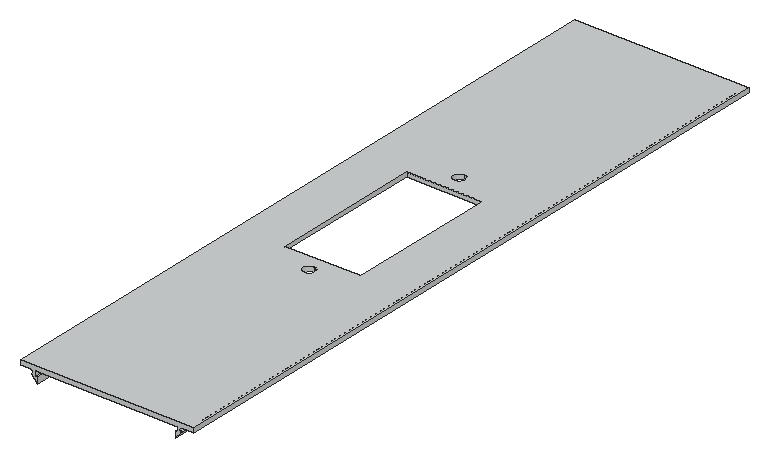
Revit family "Specialty_Equipment-Metal_Raceway-Hubbell_Wiring-Rectangular_Style_Line_Cover-HBLALUG", category Specialty Equipment, host Face, Revit 2015
Parameters (values of type "HBLALUG")
  URL = "http://www.hubbell-wiring.com/"
  Product data url = "https://bimobject.com/hubbellwiring/product/hubbell-metal-raceway-alu3800"
  Product Page URL = "http://ecatalog.hubbell-wiring.com/ProductInformation/ViewCatalog.aspx?Dest=hubbell-wiring.com/press/catalog/r.pdf"
  Product Documentation Link = "http://www.hubbell-wiring.com/press/pdfs/h5233r08.pdf"
  Model = "HBLALUG"  # constant formula
  Manufacturer = "Hubbell Wiring Device Kellems"  # constant formula
  Host Note = "Add in Section View; Host to Wall"  # constant formula
  Description = "Rectangular Style Line Cover"  # constant formula
  Default Elevation = 48.00"
  Cable Tray Material = Metal-Hubbell-Aluminium
  B = 3.00"
  Assembly Code = "D5090900"
  A = 12.00"
Reference planes (in)
  plane 1 "Center (Front/Back)": y = 0
  plane 2: z = 0
  plane 3 "Center (Left/Right)": x = 0
  plane 4: z = 2.075
  plane 5: y = 6
  plane 6: y = -6
  plane 7: x = -1.49625
  plane 8: x = 1.50375
  plane 9: y = 1.625
  plane 10: y = -1.625
Forms (in)
  Extrusion 1, void
    sketch origin (1.49625, 0, 2.17481) x (0, -1, 0) y (-1, 0, 0)
      loop
        circle (1.625, 1.49625) r 0.1
      loop
        line (1.318, 0.83875) -> (1.318, 2.15375) -> (-1.318, 2.15375) -> (-1.318, 0.83875) -> (1.318, 0.83875)
      loop
        circle (-1.625, 1.49625) r 0.1
    from 0.025 to 0.09981
  Extrusion 2, solid, material "Metal-Hubbell-Aluminium" <- "Cable Tray Material"
    sketch origin (-1.48651, 0, 0.26502) x (1, 0, 0) y (0, 0, 1)
      loop
        line (-0.00974, 1.88479) -> (-0.00974, 1.80998) -> (0.17978, 1.80998)
        arc (0.17978, 1.80998) -> (0.21467, 1.77647) -> (0.18259, 1.74027) r 0.03491
        line (0.18259, 1.74027) -> (0.29656, 1.6263) -> (0.29656, 1.73018) -> (0.26457, 1.73018) -> (0.26457, 1.80998) -> (2.70845, 1.80998) -> (2.70845, 1.73018) -> (2.67645, 1.73018) -> (2.67645, 1.6263) -> (2.79042, 1.74027)
        arc (2.79042, 1.74027) -> (2.75835, 1.77647) -> (2.79323, 1.80998) r 0.03491
        line (2.79323, 1.80998) -> (2.99026, 1.80998) -> (2.99026, 1.88479) -> (-0.00974, 1.88479)
    from -6 to 6
Cuts and joins
  Extrusion 1 cuts Extrusion 2
Lines and regions (in)
  reference lines
    curve 1: line (-0.6575, -1.318, 2.075) -> (0.6575, -1.318, 2.075)
    curve 2: line (-0.6575, 1.318, 2.075) -> (-0.6575, -1.318, 2.075)
    curve 3: line (0.6575, 1.318, 2.075) -> (-0.6575, 1.318, 2.075)
    curve 4: line (0.6575, -1.318, 2.075) -> (0.6575, 1.318, 2.075)
    curve 5: circle (0, 1.625, 2.075) r 0.1 normal (0, 0, 1)
    curve 6: circle (0, -1.625, 2.075) r 0.1 normal (0, 0, 1)
    curve 7: line (-1.49625, 0, 2.14981) -> (-1.49625, 0, 2.075)
    curve 8: line (1.50375, 0, 2.14981) -> (-1.49625, 0, 2.14981)
    curve 9: line (1.50375, 0, 2.075) -> (1.50375, 0, 2.14981)
    curve 10: line (1.30673, 0, 2.075) -> (1.50375, 0, 2.075)
    curve 11: arc (1.30392, 0, 2.00529) -> (1.27184, 0, 2.04149) -> (1.30673, 0, 2.075) r 0.03491
    curve 12: line (1.18995, 0, 1.89132) -> (1.30392, 0, 2.00529)
    curve 13: line (1.18995, 0, 1.9952) -> (1.18995, 0, 1.89132)
    curve 14: line (1.22194, 0, 1.9952) -> (1.18995, 0, 1.9952)
    curve 15: line (1.22194, 0, 2.075) -> (1.22194, 0, 1.9952)
    curve 16: line (-1.22194, 0, 2.075) -> (1.22194, 0, 2.075)
    curve 17: line (-1.22194, 0, 1.9952) -> (-1.22194, 0, 2.075)
    curve 18: line (-1.18995, 0, 1.9952) -> (-1.22194, 0, 1.9952)
    curve 19: line (-1.18995, 0, 1.89132) -> (-1.18995, 0, 1.9952)
    curve 20: line (-1.30392, 0, 2.00529) -> (-1.18995, 0, 1.89132)
    curve 21: arc (-1.30672, 0, 2.075) -> (-1.27184, 0, 2.04149) -> (-1.30392, 0, 2.00529) r 0.03491
    curve 22: line (-1.49625, 0, 2.075) -> (-1.30672, 0, 2.075)
  symbolic lines
    curve 23: line (0, 6, 2.075) -> (0, -6, 2.075)
    curve 24: line (0, 6, 2.14981) -> (0, 6, 2.075)
    curve 25: line (0, -6, 2.14981) -> (0, 6, 2.14981)
    curve 26: line (0, -6, 2.075) -> (0, -6, 2.14981)
    curve 27: line (1.50375, 6, 0) -> (-1.49625, 6, 0)
    curve 28: line (1.50375, -6, 0) -> (1.50375, 6, 0)
    curve 29: line (-1.49625, -6, 0) -> (1.50375, -6, 0)
    curve 30: line (-1.49625, 6, 0) -> (-1.49625, -6, 0)
    curve 31: line (-0.6575, 1.318, 0) -> (-0.6575, -1.318, 0)
    curve 32: line (0.6575, 1.318, 0) -> (-0.6575, 1.318, 0)
    curve 33: line (0.6575, -1.318, 0) -> (0.6575, 1.318, 0)
    curve 34: line (-0.6575, -1.318, 0) -> (0.6575, -1.318, 0)
    curve 35: arc (0, -1.525, 0) -> (0.1, -1.625, 0) -> (0, -1.725, 0) r 0.1
    curve 36: arc (0, -1.725, 0) -> (-0.1, -1.625, 0) -> (0, -1.525, 0) r 0.1
    curve 37: arc (0, 1.525, 0) -> (-0.1, 1.625, 0) -> (0, 1.725, 0) r 0.1
    curve 38: arc (0, 1.725, 0) -> (0.1, 1.625, 0) -> (0, 1.525, 0) r 0.1
    curve 39: line (1.50375, 0, 2.075) -> (-1.49625, 0, 2.075)
    curve 40: line (1.50375, 0, 2.14981) -> (1.50375, 0, 2.075)
    curve 41: line (-1.49625, 0, 2.14981) -> (1.50375, 0, 2.14981)
    curve 42: line (-1.49625, 0, 2.075) -> (-1.49625, 0, 2.14981)
Dimensions and locks (in)
  equal spacing: plane 5, plane 1 "Center (Front/Back)", plane 6
  "A": plane 5 to plane 6
  "B": plane 7 to plane 8
  equal spacing: plane 9, plane 1 "Center (Front/Back)", plane 10, locked at 1.625 each
  equal spacing: curve 3, plane 1 "Center (Front/Back)", curve 1, locked at 1.318 each
  equal spacing: curve 2, plane 3 "Center (Left/Right)", curve 4, locked at 0.6575 each
  plane 4 to host face = 2.075"
  aligned and locked: plane 2 to host face
  aligned and locked: level to host face
  aligned and locked: Extrusion 1 sketch curve to curve 6
  aligned and locked: Extrusion 1 sketch curve to curve 4
  aligned and locked: Extrusion 1 sketch curve to curve 3
  aligned and locked: Extrusion 1 sketch curve to curve 2
  aligned and locked: Extrusion 1 sketch curve to curve 1
  aligned and locked: Extrusion 1 sketch curve to curve 5
  aligned and locked: Extrusion 2 sketch curve to curve 7
  aligned and locked: curve 8 to Extrusion 2 sketch curve
  aligned and locked: curve 9 to Extrusion 2 sketch curve
  aligned and locked: Extrusion 2 sketch curve to curve 11
  aligned and locked: Extrusion 2 sketch curve to curve 12
  aligned and locked: Extrusion 2 sketch curve to curve 13
  aligned and locked: curve 14 to Extrusion 2 sketch curve
  aligned and locked: Extrusion 2 sketch curve to curve 15
  aligned and locked: Extrusion 2 sketch curve to curve 16
  aligned and locked: curve 17 to Extrusion 2 sketch curve
  aligned and locked: curve 18 to Extrusion 2 sketch curve
  aligned and locked: curve 19 to Extrusion 2 sketch curve
  aligned and locked: Extrusion 2 sketch curve to curve 20
  aligned and locked: Extrusion 2 sketch curve to curve 21
  aligned and locked: Extrusion 2 sketch curve to curve 22
  aligned and locked: plane 5 to Extrusion 2
  aligned and locked: Extrusion 2 to plane 6
  aligned and locked: curve 27 to cut or joined group of Extrusion 1, Extrusion 2
  aligned and locked: curve 28 to cut or joined group of Extrusion 1, Extrusion 2
  aligned and locked: curve 29 to cut or joined group of Extrusion 1, Extrusion 2
  aligned and locked: curve 30 to cut or joined group of Extrusion 1, Extrusion 2
  aligned and locked: curve 31 to cut or joined group of Extrusion 1, Extrusion 2
  aligned and locked: curve 32 to cut or joined group of Extrusion 1, Extrusion 2
  aligned and locked: curve 33 to cut or joined group of Extrusion 1, Extrusion 2
  aligned and locked: curve 34 to cut or joined group of Extrusion 1, Extrusion 2
  aligned and locked: curve 35 to cut or joined group of Extrusion 1, Extrusion 2
  aligned and locked: curve 36 to cut or joined group of Extrusion 1, Extrusion 2
  aligned and locked: curve 37 to cut or joined group of Extrusion 1, Extrusion 2
  aligned and locked: curve 38 to cut or joined group of Extrusion 1, Extrusion 2
  aligned and locked: curve 39 to cut or joined group of Extrusion 1, Extrusion 2
  aligned and locked: curve 40 to cut or joined group of Extrusion 1, Extrusion 2
  aligned and locked: curve 41 to cut or joined group of Extrusion 1, Extrusion 2
  aligned and locked: curve 42 to cut or joined group of Extrusion 1, Extrusion 2
  aligned and locked: curve 24 to plane 5
  aligned and locked: plane 4 to curve 23
  aligned and locked: plane 6 to curve 26
  aligned and locked: curve 25 to cut or joined group of Extrusion 1, Extrusion 2
Automatic sketch dimensions
  host sketch curve to host sketch curve = 96.00"  (x2)
  curve 6 to plane 3 "Center (Left/Right)" = 0.00"
  curve 5 to plane 3 "Center (Left/Right)" = 0.00"
  curve 5 to plane 9 = 0.00"
  curve 6 to plane 10 = 0.00"
  curve 7 to plane 4 = 0.00"
  curve 7 to plane 7 = 0.00"
  plane 8 to curve 8 = 0.00"
  plane 4 to curve 8 = 0.07481"
  curve 9 to plane 4 = 0.00"
  plane 8 to curve 10 = 0.19703"
  curve 11 to curve 11 = 0.00281"
  curve 11 to plane 4 = 0.03491"
  curve 12 to curve 12 = 0.11397"  (x2)
  curve 13 to plane 4 = 0.0798"
  curve 13 to curve 14 = 0.03199"
  curve 15 to plane 4 = 0.00"
  plane 7 to curve 16 = 0.27431"
  curve 17 to plane 4 = 0.0798"
  curve 17 to curve 18 = 0.03199"
  curve 19 to curve 19 = 0.10388"
  curve 20 to plane 4 = 0.06971"
  curve 20 to curve 17 = 0.08198"
  curve 21 to plane 4 = 0.03491"
  plane 3 "Center (Left/Right)" to curve 3 = 0.6575"
  curve 4 to plane 9 = 0.307"
  Extrusion 2 sketch curve to plane 4 = 0.0798"
  radius of curve 5 = 0.10"
  radius of curve 6 = 0.10"
